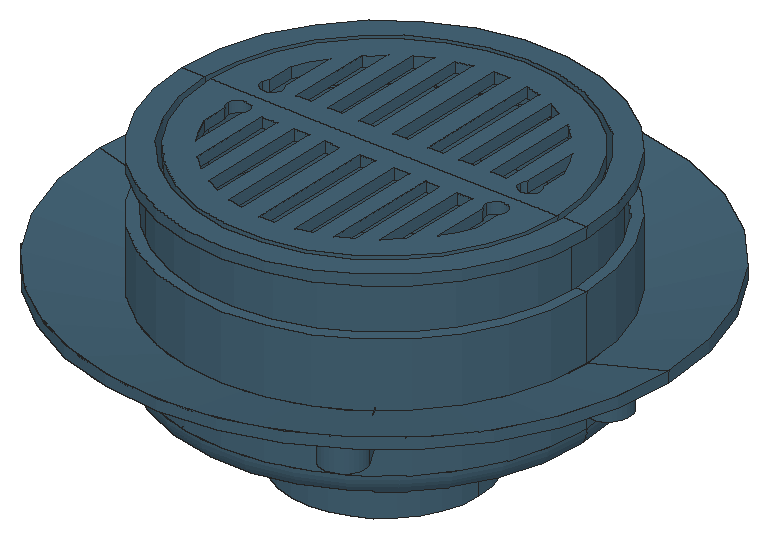
Revit family "Cleanout_Floor_Adjustable-Zurn-Z1454-Flashing-flange", category Plumbing Fixtures, Revit 2022
Family settings
  Round Connector Dimension = Use Radius
  Part Type = Normal
  OmniClass Number = 23.70.50.21.24.14
  OmniClass Title = Deck Waste Water Drains
  Work Plane-Based = No
  Always vertical = Yes
  Cut with Voids When Loaded = No
  Maintain Annotation Orientation = No
  Shared = No
  Room Calculation Point = No
Parameters (values of type "Load Family Type Catalogue")
  ZN-Top = no
  ZN-Top value = 0.000"
  Waste Connection = 1 = 1  # yes
  WFU = 1  # constant formula
  Vent Connection = 1 = 0  # no
  URL = "www.zurn.com"
  Type Comments = "Z1454-4 Inch Inside Caulk Outlet"
  Product data url = "https://www.bimobject.com/en-in/zurnindustries/product/zurn-z1454"
  Product Page URL = "https://www.zurn.com/products/drainage-interceptors/cleanouts/cleanouts/z1454"
  Product Documentation Link = "https://files.zurn.com/spec-sheets/z1454.pdf"
  Pipe Size-A (Outer dia) = 4.500"
  Pipe Size A = 4.000"
  Pipe Size-A (Inner dia) = 4.026"
  Modified Date = "12/30/25"  # constant formula
  Model = "Z1454"
  Manufacurer Brand = "Zurn"  # constant formula
  Manufacturer = "Zurn Water, LLC"  # constant formula
  Main Material = Iron - Zurn - Cast - Painted - Blue
  HWFU = 0  # constant formula
  HW Connection = 1 = 0  # no
  Grate Material = Iron - Zurn - Cast - Painted - Blue
  Enter_Adjustable Height [instance] = 1.000"
  Description = "ADJUSTABLE FLOOR CLEANOUT W/ FLASHING FLANGE"  # constant formula
  Default Elevation = 2.000"  # constant formula
  Date Created = "02/14/18"  # constant formula
  Connector Radius = Pipe Size A / 2  # 2.000"
  CWFU = 0  # constant formula
  CW Connection = 1 = 0  # no
  Body Height E = 5.250"
  Body Diameter = 13.500"
  Assembly Code = "D2030300"
  Approx. Weight (Lbs) = 34.000"
  Adjustable Height [instance] = if(Enter_Adjustable Height > 3.625", 3.625", if(Enter_Adjustable Height < 1.375", 1.375", Enter_Adjustable Height))  # 1.375"
Reference planes (in)
  plane 1 "Center (Front/Back)": y = 0
  plane 2: z = 0
  plane 3 "Center (Left/Right)": x = 0
  plane 4: y = 2.96875
  plane 5: y = -2.96875
  plane 6: y = 2
  plane 7: y = -2
  plane 8: y = -1.08858
  plane 9: y = 0
  plane 10: y = 1.08858
  plane 11: z = -1.375
  plane 12: x = -2.013
  plane 13: x = 2.013
  plane 14: x = 2.25
  plane 15: x = -2.25
  plane 16: x = -4.8125
  plane 17: x = 4.8125
  plane 18: x = -6.75
  plane 19: x = 6.75
  plane 20: x = 6.5625
  plane 21: x = -6.5625
  plane 22: x = -5.5625
  plane 23: x = 5.5625
  plane 24: z = -2.375
  plane 25: z = -2.625
  plane 26: z = -3.69199
  plane 27: z = -6.625
  plane 28: x = 4.5625
  plane 29: x = -4.5625
  plane 30: z = -4
  plane 31: z = -4.61474
  plane 32: z = -5.13168
  plane 33: z = -4.36412
  plane 34: z = 0
  plane 35: y = 0.5
  plane 36: y = -0.5
  plane 37: x = -1
  plane 38: x = 1
  plane 39: x = 1.75
  plane 40: x = -1.75
  plane 41: x = -2.5
  plane 42: x = 2.5
  plane 43: x = 3.25
  plane 44: x = -3.25
  plane 45: x = 4
  plane 46: z = -2.89199
  plane 47: y = -2.25
  plane 48: y = 2.25
  plane 49: y = -4.8125
  plane 50: y = 4.8125
  plane 51: z = 0.1875
  plane 52: z = -1
  plane 53: y = 4.125
  plane 54: y = -4.125
  plane 55: x = -4.125
  plane 56: x = 4.125
Forms (in)
  Revolve 1, solid, material "Iron - Zurn - Cast - Painted - Blue" <- "Main Material", detail levels fine
    sketch origin (0, 0, 1.625) x (1, 0, 0) y (0, 0, 1)
      loop
        line (4.5625, -3) -> (4.5625, -5.98912)
        arc (4.5625, -5.98912) -> (4.49956, -6.14706) -> (4.34524, -6.21841) r 0.22962
        line (4.34524, -6.21841) -> (2.50537, -6.31758)
        arc (2.50537, -6.31758) -> (2.15564, -6.47928) -> (2.013, -6.83721) r 0.52038
        line (2.013, -6.83721) -> (2.013, -8.25) -> (2.25, -8.25) -> (2.25, -6.75668)
        arc (2.25, -6.75668) -> (2.30061, -6.62967) -> (2.42471, -6.57229) r 0.18465
        line (2.42471, -6.57229) -> (4.27758, -6.47242)
        arc (4.27758, -6.47242) -> (4.65753, -6.29674) -> (4.8125, -5.90789) r 0.56535
        line (4.8125, -5.90789) -> (4.8125, -4.77797) -> (6.75, -4.25882) -> (6.75, -4) -> (4.8125, -4.51915) -> (4.8125, -3) -> (4.5625, -3)
      axis (0, -3) -> (0, -8.25)
    angle from 0 to 360
  Revolve 2, solid, material "Iron - Zurn - Cast - Painted - Blue" <- "Main Material", detail levels fine
    sketch origin (0, 0, 0) x (1, 0, 0) y (0, 0, 1)
      loop
        line (0, 0) -> (0, -0.25) -> (4.1875, -0.25) -> (4.1875, -2.375) -> (4.4375, -2.375) -> (4.4375, -0.25) -> (4.8125, -0.25) -> (4.8125, 0) -> (0, 0)
      axis (0, 0) -> (0, -2.375)
    angle from 0 to 360
  Extrusion 3, void
    sketch origin (0, 0, 0) x (1, 0, 0) y (0, 1, 0)
      loop
        circle (-3.0625, 0.5) r 0.25
      loop
        circle (-3.0625, -0.5) r 0.25
      loop
        circle (3.0625, 0.5) r 0.25
      loop
        circle (3.0625, -0.5) r 0.25
    from -0.25 to 0
  Extrusion 4, void
    sketch origin (0, 0, 0) x (1, 0, 0) y (0, 1, 0)
      loop
        arc (1, 3.3541) -> (0.81374, 3.40409) -> (0.625, 3.44374) r 3.5
        line (0.625, 3.44374) -> (0.625, 0.5) -> (1, 0.5) -> (1, 3.3541)
      loop
        line (1.375, 0.5) -> (1.75, 0.5) -> (1.75, 3.03109)
        arc (1.75, 3.03109) -> (1.56531, 3.13046) -> (1.375, 3.2186) r 3.5
        line (1.375, 3.2186) -> (1.375, 0.5)
      loop
        arc (2.5, 2.44949) -> (2.31844, 2.62199) -> (2.125, 2.78107) r 3.5
        line (2.125, 2.78107) -> (2.125, 0.5) -> (2.5, 0.5) -> (2.5, 2.44949)
      loop
        arc (3.25, 1.29904) -> (3.08227, 1.6582) -> (2.875, 1.99609) r 3.5
        line (2.875, 1.99609) -> (2.875, 0.5) -> (3.25, 0.5) -> (3.25, 1.29904)
      loop
        arc (-0.625, 3.44374) -> (-0.81374, 3.40409) -> (-1, 3.3541) r 3.5
        line (-1, 3.3541) -> (-1, 0.5) -> (-0.625, 0.5) -> (-0.625, 3.44374)
      loop
        line (-1.75, 3.03109) -> (-1.75, 0.5) -> (-1.375, 0.5) -> (-1.375, 3.2186)
        arc (-1.375, 3.2186) -> (-1.56531, 3.13046) -> (-1.75, 3.03109) r 3.5
      loop
        line (-2.5, 2.44949) -> (-2.5, 0.5) -> (-2.125, 0.5) -> (-2.125, 2.78107)
        arc (-2.125, 2.78107) -> (-2.31844, 2.62199) -> (-2.5, 2.44949) r 3.5
      loop
        line (-3.25, 1.29904) -> (-3.25, 0.5) -> (-2.875, 0.5) -> (-2.875, 1.99609)
        arc (-2.875, 1.99609) -> (-3.08227, 1.6582) -> (-3.25, 1.29904) r 3.5
      loop
        line (-0.1875, 3.49497) -> (-0.1875, 0.5) -> (0.1875, 0.5) -> (0.1875, 3.49497)
        arc (0.1875, 3.49497) -> (0, 3.5) -> (-0.1875, 3.49497) r 3.5
      loop
        arc (0.625, -3.44374) -> (0.81374, -3.40409) -> (1, -3.3541) r 3.5
        line (1, -3.3541) -> (1, -0.5) -> (0.625, -0.5) -> (0.625, -3.44374)
      loop
        arc (2.125, -2.78107) -> (2.31844, -2.62199) -> (2.5, -2.44949) r 3.5
        line (2.5, -2.44949) -> (2.5, -0.5) -> (2.125, -0.5) -> (2.125, -2.78107)
      loop
        arc (2.875, -1.99609) -> (3.08227, -1.6582) -> (3.25, -1.29904) r 3.5
        line (3.25, -1.29904) -> (3.25, -0.5) -> (2.875, -0.5) -> (2.875, -1.99609)
      loop
        arc (-3.25, -1.29904) -> (-3.08227, -1.6582) -> (-2.875, -1.99609) r 3.5
        line (-2.875, -1.99609) -> (-2.875, -0.5) -> (-3.25, -0.5) -> (-3.25, -1.29904)
      loop
        arc (-2.5, -2.44949) -> (-2.31844, -2.62199) -> (-2.125, -2.78107) r 3.5
        line (-2.125, -2.78107) -> (-2.125, -0.5) -> (-2.5, -0.5) -> (-2.5, -2.44949)
      loop
        arc (-1, -3.3541) -> (-0.81374, -3.40409) -> (-0.625, -3.44374) r 3.5
        line (-0.625, -3.44374) -> (-0.625, -0.5) -> (-1, -0.5) -> (-1, -3.3541)
      loop
        arc (-0.1875, -3.49497) -> (-0.00021, -3.5) -> (0.18709, -3.495) r 3.5
        line (0.18709, -3.495) -> (0.18709, -0.5) -> (-0.1875, -0.5) -> (-0.1875, -3.49497)
      loop
        arc (-1.75, -3.03109) -> (-1.56531, -3.13046) -> (-1.375, -3.2186) r 3.5
        line (-1.375, -3.2186) -> (-1.375, -0.5) -> (-1.75, -0.5) -> (-1.75, -3.03109)
      loop
        arc (1.375, -3.2186) -> (1.56531, -3.13046) -> (1.75, -3.03109) r 3.5
        line (1.75, -3.03109) -> (1.75, -0.5) -> (1.375, -0.5) -> (1.375, -3.2186)
    from -1.375 to 0.1875
  Extrusion 5, solid, material "Iron - Zurn - Cast - Painted - Blue" <- "Main Material", detail levels fine
    sketch origin (0, 0, -26.44199) x (1, 0, 0) y (0, 1, 0)
      loop
        line (4.5625, 0.5) -> (4.5625, -0.5) -> (5.3125, -0.5)
        arc (5.3125, -0.5) -> (5.8125, 0) -> (5.3125, 0.5) r 0.5
        line (5.3125, 0.5) -> (4.5625, 0.5)
    from 22.75 to 23.54784
  Extrusion 6, solid, material "Iron - Zurn - Cast - Painted - Blue" <- "Main Material", detail levels fine
    sketch origin (0.05584, 0.00073, -26.43982) x (0.5, -0.866025, 0) y (0.866025, 0.5, 0)
      loop
        line (4.5625, 0.5) -> (4.5625, -0.5) -> (5.3125, -0.5)
        arc (5.3125, -0.5) -> (5.8125, 0) -> (5.3125, 0.5) r 0.5
        line (5.3125, 0.5) -> (4.5625, 0.5)
    from 22.75 to 23.54784
  Extrusion 7, solid, material "Iron - Zurn - Cast - Painted - Blue" <- "Main Material", detail levels fine
    sketch origin (0.00127, 0.00073, -26.43982) x (0.5, 0.866025, 0) y (-0.866025, 0.5, 0)
      loop
        line (4.5625, 0.5) -> (4.5625, -0.5) -> (5.3125, -0.5)
        arc (5.3125, -0.5) -> (5.8125, 0) -> (5.3125, 0.5) r 0.5
        line (5.3125, 0.5) -> (4.5625, 0.5)
    from 22.75 to 23.54784
  Extrusion 8, solid, material "Iron - Zurn - Cast - Painted - Blue" <- "Main Material", detail levels fine
    sketch origin (0.00127, 0.0022, -26.43982) x (-0.5, 0.866025, 0) y (-0.866025, -0.5, 0)
      loop
        line (4.5625, 0.5) -> (4.5625, -0.5) -> (5.3125, -0.5)
        arc (5.3125, -0.5) -> (5.8125, 0) -> (5.3125, 0.5) r 0.5
        line (5.3125, 0.5) -> (4.5625, 0.5)
    from 22.75 to 23.54784
  Extrusion 9, solid, material "Iron - Zurn - Cast - Painted - Blue" <- "Main Material", detail levels fine
    sketch origin (0, 0.00293, -26.43982) x (-1, 0, 0) y (0, -1, 0)
      loop
        line (4.5625, 0.5) -> (4.5625, -0.5) -> (5.3125, -0.5)
        arc (5.3125, -0.5) -> (5.8125, 0) -> (5.3125, 0.5) r 0.5
        line (5.3125, 0.5) -> (4.5625, 0.5)
    from 22.75 to 23.54784
  Extrusion 10, solid, material "Iron - Zurn - Cast - Painted - Blue" <- "Main Material", detail levels fine
    sketch origin (-0.00127, 0.0022, -26.43982) x (-0.5, -0.866025, 0) y (0.866025, -0.5, 0)
      loop
        line (4.5625, 0.5) -> (4.5625, -0.5) -> (5.3125, -0.5)
        arc (5.3125, -0.5) -> (5.8125, 0) -> (5.3125, 0.5) r 0.5
        line (5.3125, 0.5) -> (4.5625, 0.5)
    from 22.75 to 23.54784
  Extrusion 11, void
    sketch origin (0, 0, 0) x (1, 0, 0) y (0, 1, 0)
      loop
        circle (0, 0) r 4.25
      loop
        circle (0, 0) r 4.125
    from -1 to 0.1875
  Extrusion 12, solid, material "Iron - Zurn - Cast - Painted - Blue" <- "Grate Material", visible <- "ZN-Top", detail levels fine
    sketch origin (0, 0, 0) x (1, 0, 0) y (0, 1, 0)
      loop
        circle (0, 0) r 4.8125
    from 0 to 0.1875
Cuts and joins
  Extrusion 3, Extrusion 4, Extrusion 11 cuts Revolve 2
  Extrusion 4, Extrusion 11 cuts Extrusion 12
Lines and regions (in)
  Masking region 1, detail levels fine
    outline origin (0, 0, 0) x (1, 0, 0) y (0, 1, 0)
      loop
        circle (0, 0) r 6.75
  model lines, detail levels coarse+medium
    curve 1: line (0, 0, 0) -> (0, 0, -6.625)
    curve 2: line (-2.25, 0, -6.625) -> (2.25, 0, -6.625)
    curve 3: circle (0, -0.00297, 0) r 4.125 normal (0, 0, 1)
    curve 4: line (-4.125, 0, 0) -> (4.125, 0, 0)
    curve 5: line (0, 4.12203, 0) -> (0, -4.12797, 0)
    curve 6: circle (0, 0, 0) r 4.8125 normal (0, 0, 1)
    curve 7: circle (0, 0, 0) r 4.25 normal (0, 0, 1)
    curve 8: line (0, 2.25, -6.625) -> (0, -2.25, -6.625)
    curve 9: line (-2.47104, 3.3, 0) -> (2.47104, 3.3, 0)
    curve 10: line (-3.29777, 2.475, 0) -> (3.29777, 2.475, 0)
    curve 11: line (3.77933, 1.65, 0) -> (-3.77933, 1.65, 0)
    curve 12: line (-4.04105, 0.825, 0) -> (4.04105, 0.825, 0)
    curve 13: line (-4.125, 0, 0) -> (4.125, 0, 0)
    curve 14: line (-4.04226, -0.825, 0) -> (4.04226, -0.825, 0)
    curve 15: line (-3.78192, -1.65, 0) -> (3.78192, -1.65, 0)
    curve 16: line (-3.30222, -2.475, 0) -> (3.30222, -2.475, 0)
    curve 17: line (-2.47895, -3.3, 0) -> (2.47895, -3.3, 0)
    curve 18: line (-3.3125, 2.45528, 0) -> (-3.3125, -2.46121, 0)
    curve 19: line (-2.5, -3.28407, 0) -> (-2.5, 3.27813, 0)
    curve 20: line (-1.6875, 3.76107, 0) -> (-1.6875, -3.767, 0)
    curve 21: line (-0.875, 4.02816, 0) -> (-0.875, -4.0341, 0)
    curve 22: line (0.75, 4.05328, 0) -> (0.75, -4.05921, 0)
    curve 23: line (1.5625, -3.82059, 0) -> (1.5625, 3.81465, 0)
    curve 24: line (2.375, 3.36972, 0) -> (2.375, -3.37565, 0)
    curve 25: line (3.1875, -2.62126, 0) -> (3.1875, 2.61533, 0)
Dimensions and locks (in)
  equal spacing: plane 4, plane 1 "Center (Front/Back)", plane 5, locked at 2.96875 each
  locked: plane 4 to plane 5 at 5.9375
  equal spacing: plane 6, plane 1 "Center (Front/Back)", plane 7, locked at 2 each
  locked: plane 6 to plane 7 at 4
  equal spacing: plane 8, plane 9, plane 10
  plane 8 to plane 10 = 2.17716"
  equal spacing: plane 13, plane 3 "Center (Left/Right)", plane 12
  "Pipe Size-A (Inner dia)": plane 13 to plane 12
  equal spacing: plane 14, plane 3 "Center (Left/Right)", plane 15
  "Pipe Size-A (Outer dia)": plane 14 to plane 15
  equal spacing: plane 17, plane 3 "Center (Left/Right)", plane 16
  locked: plane 17 to plane 16 at 9.625
  locked: plane 19 to plane 18 at 13.5
  equal spacing: plane 19, plane 3 "Center (Left/Right)", plane 18, locked at 6.75 each
  locked: plane 19 to plane 20 at 0.1875
  locked: plane 21 to plane 18 at 0.1875
  locked: plane 22 to plane 21 at 1
  locked: plane 20 to plane 23 at 1
  locked: plane 11 to plane 24 at 1
  locked: plane 11 to plane 26 at 2.31699
  locked: plane 24 to plane 25 at 0.25
  "Body Height E": plane 11 to plane 27
  locked: plane 28 to plane 17 at 0.25
  locked: plane 29 to plane 16 at 0.25
  locked: plane 30 to plane 31 at 0.61474
  locked: plane 31 to plane 32 at 0.51693
  locked: plane 30 to plane 33 at 0.36412
  "Adjustable Height": plane 34 to plane 11
  locked: plane 34 to Revolve 2 sketch curve at 0.25
  locked: Revolve 2 sketch curve to plane 28 at 0.125
  locked: Revolve 1 sketch curve to Revolve 1 sketch curve at 0.25
  locked: Revolve 2 sketch curve to Revolve 2 sketch curve at 0.25
  plane 35 to plane 9 to plane 36 = 0.500" locked, 0.500" locked
  locked: plane 37 to plane 3 "Center (Left/Right)" at 1
  locked: plane 3 "Center (Left/Right)" to plane 38 at 1
  locked: plane 38 to plane 39 at 0.75
  locked: plane 41 to plane 40 at 0.75
  locked: plane 39 to plane 42 at 0.75
  locked: plane 42 to plane 43 at 0.75
  locked: plane 44 to plane 41 at 0.75
  locked: plane 40 to plane 37 at 0.75
  locked: Extrusion 4 sketch curve to plane 38 at 0.375
  locked: Extrusion 4 sketch curve to plane 39 at 0.375
  locked: Extrusion 4 sketch curve to plane 42 at 0.375
  locked: Extrusion 4 sketch curve to plane 43 at 0.375
  locked: plane 43 to plane 45 at 0.75
  locked: plane 37 to Extrusion 4 sketch curve at 0.375  (x2)
  locked: plane 40 to Extrusion 4 sketch curve at 0.375
  locked: plane 41 to Extrusion 4 sketch curve at 0.375  (x2)
  locked: plane 44 to Extrusion 4 sketch curve at 0.375  (x2)
  Extrusion 4 sketch curve to plane 3 "Center (Left/Right)" to Extrusion 4 sketch curve = 0.1875" locked, 0.1875" locked
  Extrusion 4 sketch curve to plane 43 = 0.375"
  Extrusion 4 sketch curve to plane 42 = 0.375"
  Extrusion 4 sketch curve to plane 38 = 0.375"
  locked: Extrusion 4 sketch curve to plane 3 "Center (Left/Right)" at 0.1875
  locked: Extrusion 4 sketch curve to Extrusion 4 sketch curve at 0.37459
  locked: cut or joined group of Revolve 2, Extrusion 3, Extrusion 4, Extrusion 11 to cut or joined group of Revolve 2, Extrusion 3, Extrusion 4, Extrusion 11 at 0.75
  locked: cut or joined group of Revolve 2, Extrusion 3, Extrusion 4, Extrusion 11 to cut or joined group of Revolve 2, Extrusion 3, Extrusion 4, Extrusion 11 at 0.375  (x3)
  locked: plane 46 to plane 26 at 0.8
  "ZN-Top value": level to plane 34
  equal spacing: plane 47, plane 1 "Center (Front/Back)", plane 48
  "Pipe Size-A (Outer dia)": plane 47 to plane 48
  equal spacing: plane 49, plane 9, plane 50
  locked: plane 49 to plane 50 at 9.625
  Extrusion 4 to curve 1 = 1.000"
  locked: plane 51 to plane 34 at 0.1875
  locked: plane 34 to plane 52 at 1
  locked: plane 26 to plane 30 at 0.30801
  equal spacing: plane 44, curve 5, plane 43
  plane 53 to plane 9 to plane 54 = 4.125" locked, 4.125" locked
  equal spacing: plane 53, curve 9, curve 10, curve 11, curve 12, curve 13, curve 14, curve 15, curve 16, curve 17, plane 54, locked at 0.825 each
  plane 55 to plane 3 "Center (Left/Right)" to plane 56 = 4.125" locked, 4.125" locked
  equal spacing: plane 55, curve 18, curve 19, curve 20, curve 21, curve 22, curve 23, curve 24, curve 25, plane 45
  curve 3 to plane 3 "Center (Left/Right)" to curve 3 = 4.125" locked, 4.125" locked
  curve 7 to plane 3 "Center (Left/Right)" to curve 7 = 4.250" locked, 4.250" locked
  locked: curve 6 to plane 3 "Center (Left/Right)" at 4.8125
  radius of Revolve 1 sketch curve = 0.18465"
  radius of Revolve 1 sketch curve = 0.52038"
  radius of Revolve 1 sketch curve = 0.22962"
  radius of Revolve 1 sketch curve = 0.56535"
  diameter of Extrusion 3 sketch curve = 0.500"  (x4)
  radius of Extrusion 4 sketch curve = 3.500"  (x9)
  radius of cut or joined group of Revolve 2, Extrusion 3, Extrusion 4, Extrusion 11 = 3.500"  (x7)
  radius of Extrusion 5 sketch curve = 0.500"
  diameter of curve 3 = 8.250"
  diameter of curve 6 = 9.625"
  radius of Extrusion 6 sketch curve = 0.500"
  radius of Extrusion 7 sketch curve = 0.500"
  radius of Extrusion 8 sketch curve = 0.500"
  radius of Extrusion 9 sketch curve = 0.500"
  radius of Extrusion 10 sketch curve = 0.500"
  "Body Diameter": diameter of Masking region 1 sketch curve
  diameter of Extrusion 11 sketch curve = 8.250"
  diameter of Extrusion 11 sketch curve = 8.500"
  radius of curve 7 = 4.250"
  diameter of curve 7 = 8.500"
  radius of curve 3 = 4.125"
  "Body Diameter": diameter of Revolve 1
  locked: plane 24 to Revolve 1 sketch curve (angle 15.00°)
  aligned and locked: plane 2 to level
  aligned and locked: plane 9 to plane 1 "Center (Front/Back)"
  aligned and locked: Revolve 1 sketch curve to plane 19
  aligned and locked: Revolve 1 sketch curve to plane 17  (x2)
  aligned and locked: plane 24 to Revolve 1 sketch curve
  aligned and locked: plane 27 to Revolve 1 sketch curve
  aligned and locked: Revolve 1 sketch curve to plane 28
  aligned and locked: Revolve 1 sketch curve to plane 11
  aligned and locked: Revolve 2 sketch curve to plane 3 "Center (Left/Right)"
  aligned and locked: plane 3 "Center (Left/Right)" to Revolve 2 sketch curve
  aligned and locked: plane 34 to Revolve 2 sketch curve
  aligned and locked: Revolve 2 sketch curve to plane 17
  aligned and locked: plane 24 to Revolve 2 sketch curve
  aligned and locked: plane 32 to Revolve 1 sketch curve
  aligned and locked: plane 33 to Revolve 1 sketch curve
  aligned and locked: plane 14 to Revolve 1 sketch curve
  aligned and locked: plane 13 to Revolve 1 sketch curve
  aligned and locked: Extrusion 3 to plane 34
  aligned and locked: Extrusion 3 to cut or joined group of Revolve 2, Extrusion 3, Extrusion 4, Extrusion 11
  aligned and locked: plane 35 to Extrusion 4 sketch curve  (x4)
  aligned and locked: Extrusion 4 sketch curve to plane 38  (x2)
  aligned and locked: Extrusion 4 to plane 11
  aligned and locked: plane 39 to Extrusion 4 sketch curve
  aligned and locked: Extrusion 4 sketch curve to plane 35  (x5)
  aligned and locked: plane 9 to Extrusion 4 sketch curve  (x18)
  aligned and locked: plane 3 "Center (Left/Right)" to Extrusion 4 sketch curve  (x18)
  aligned and locked: Extrusion 4 sketch curve to plane 42  (x2)
  aligned and locked: plane 43 to Extrusion 4 sketch curve  (x2)
  aligned and locked: plane 36 to Extrusion 3 sketch curve  (x2)
  aligned and locked: plane 35 to Extrusion 3 sketch curve  (x2)
  aligned and locked: plane 37 to Extrusion 4 sketch curve  (x2)
  aligned and locked: Extrusion 4 sketch curve to plane 40
  aligned and locked: Extrusion 4 sketch curve to plane 41
  aligned and locked: Extrusion 4 sketch curve to plane 44
  aligned and locked: Extrusion 4 sketch curve to plane 36  (x9)
  aligned and locked: plane 44 to Extrusion 4 sketch curve
  aligned and locked: plane 41 to Extrusion 4 sketch curve
  aligned and locked: Extrusion 5 to Revolve 1
  aligned and locked: Extrusion 5 to plane 26
  aligned and locked: plane 27 to curve 1
  aligned and locked: plane 15 to curve 2
  aligned and locked: plane 14 to curve 2
  aligned and locked: curve 2 to plane 27
  aligned and locked: plane 9 to curve 6
  aligned and locked: plane 46 to Extrusion 6
  aligned and locked: plane 46 to Extrusion 10
  aligned and locked: plane 46 to Extrusion 9
  aligned and locked: plane 46 to Extrusion 7
  aligned and locked: plane 46 to Extrusion 8
  aligned and locked: plane 3 "Center (Left/Right)" to Masking region 1 sketch curve
  aligned and locked: plane 9 to Masking region 1 sketch curve
  aligned and locked: curve 4 to plane 9
  aligned and locked: plane 9 to Extrusion 11 sketch curve  (x2)
  aligned and locked: plane 3 "Center (Left/Right)" to Extrusion 11 sketch curve  (x2)
  aligned and locked: Extrusion 11 to plane 52
  aligned and locked: plane 51 to Extrusion 11
  aligned and locked: Extrusion 11 to Extrusion 4
  aligned and locked: plane 9 to curve 7
  aligned and locked: curve 8 to plane 48
  aligned and locked: curve 8 to plane 47
  aligned and locked: curve 8 to plane 27
  aligned and locked: curve 5 to curve 3
  aligned and locked: plane 9 to Extrusion 12 sketch curve
  aligned and locked: plane 3 "Center (Left/Right)" to Extrusion 12 sketch curve
  aligned and locked: plane 34 to Extrusion 12
  aligned and locked: plane 51 to Extrusion 12
  aligned and locked: Revolve 2 sketch curve to Revolve 2 sketch curve
Automatic sketch dimensions
  plane 3 "Center (Left/Right)" to Revolve 1 sketch curve = 0.000"
  Revolve 1 sketch curve to plane 11 = 0.000"
  Revolve 1 sketch curve to Revolve 1 sketch curve = 0.25882"
  Revolve 1 sketch curve to plane 25 = 0.00882"
  Revolve 1 sketch curve to level = 24.71134"
  plane 15 to Extrusion 4 sketch curve = 0.500"
  plane 12 to Extrusion 4 sketch curve = 0.638"
  Extrusion 4 sketch curve to Extrusion 4 sketch curve = 0.375"
  Extrusion 4 sketch curve to Extrusion 4 sketch curve = 0.05125"
  Extrusion 4 sketch curve to Extrusion 4 sketch curve = 0.05123"  (x2)
  plane 5 to Extrusion 4 sketch curve = 0.24985"  (x2)
  Extrusion 4 sketch curve to plane 5 = 0.18768"  (x2)
  plane 7 to Extrusion 4 sketch curve = 0.00391"  (x2)
  plane 38 to Extrusion 4 sketch curve = 0.375"
  plane 44 to Extrusion 3 sketch curve = 0.1875"  (x2)
  plane 43 to Extrusion 3 sketch curve = 0.1875"  (x2)
  Extrusion 5 sketch curve to Extrusion 5 sketch curve = 0.750"
  Extrusion 6 sketch curve to Extrusion 6 sketch curve = 0.750"
  Extrusion 7 sketch curve to Extrusion 7 sketch curve = 0.750"
  Extrusion 8 sketch curve to Extrusion 8 sketch curve = 0.750"
  Extrusion 9 sketch curve to Extrusion 9 sketch curve = 0.750"
  Extrusion 10 sketch curve to Extrusion 10 sketch curve = 0.750"
  curve 1 to level = 0.000"
  curve 22 to plane 53 = 0.07172"
  curve 19 to plane 41 = 0.000"
  plane 1 "Center (Front/Back)" to curve 3 = 0.00297"
  curve 18 to curve 16 = 0.01028"
  plane 40 to curve 20 = 0.0625"
  curve 21 to plane 53 = 0.09684"
  curve 23 to plane 39 = 0.1875"
  plane 14 to curve 24 = 0.125"
  plane 43 to curve 25 = 0.0625"
  Revolve 2 sketch curve to level = 0.000"
  Revolve 2 sketch curve to level = 0.250"
  radius of Extrusion 12 sketch curve = 4.8125"
Connectors (in)
  piping at (0, 0, -6.625), diameter 4, driven by "Connector Radius", driven by "Waste Connection", driven by "Waste Connection"
    settings: on Revolve 1, index 1, connector inside diameter 24", connector length 0.000", flow factor 0, pipe flow 0 GPM, pressure drop 0.00 psi, fitting loss kfactor 0, connector angle 0.00°, fixture units 0, engagement length 0.000", angle of deflection 0.00°, flow configuration 0, flow direction 2, fitting loss method 0, system type 16, joint type 0, gender type 0, connector reference index -1, connector utility 1, adjustable connector yes, is connector primary yes, connector description "Sanitary Outlet"
Types in the file's own list only (12): name | ZN-Top | ZN-Top value | Type Comments | Pipe Size-A (Outer dia) | Pipe Size A | Pipe Size-A (Inner dia) | Model | Grate Material | Default Elevation | Connector Radius | Body Height E | Body Diameter | Approx. Weight (Lbs)
  Z1454-2IC | No | 0.000 " | "Z1454-2 Inch Inside Caulk Outlet" | 2.375 " | 2.000 " | 2.067 " | "Z1454" | Iron - Zurn - Cast - Painted - Blue | 2.000 " | 1.000 " | 5.250 " | 13.500 " | 33.000 "
  Z1454-3IC | No | 0.000 " | "Z1454-3 Inch Inside Caulk Outlet" | 3.500 " | 3.000 " | 3.068 " | "Z1454" | Iron - Zurn - Cast - Painted - Blue | 2.000 " | 1.500 " | 5.250 " | 13.500 " | 33.000 "
  Z1454-4IC | No | 0.000 " | "Z1454-4 Inch Inside Caulk Outlet" | 4.500 " | 4.000 " | 4.026 " | "Z1454" | Iron - Zurn - Cast - Painted - Blue | 2.000 " | 2.000 " | 5.250 " | 13.500 " | 34.000 "
  Z1454-2IP | No | 0.000 " | "Z1454-2 Inch Threaded Outlet" | 2.375 " | 2.000 " | 2.067 " | "Z1454" | Iron - Zurn - Cast - Painted - Blue | 2.000 " | 1.000 " | 4.250 " | 13.500 " | 33.000 "
  Z1454-3IP | No | 0.000 " | "Z1454-3 Inch Threaded Outlet" | 3.500 " | 3.000 " | 3.068 " | "Z1454" | Iron - Zurn - Cast - Painted - Blue | 2.000 " | 1.500 " | 4.250 " | 13.500 " | 33.000 "
  Z1454-4IP | No | 0.000 " | "Z1454-4 Inch Threaded Outlet" | 4.500 " | 4.000 " | 4.026 " | "Z1454" | Iron - Zurn - Cast - Painted - Blue | 2.000 " | 2.000 " | 4.250 " | 13.500 " | 34.000 "
  ZN1454-2IC | Yes | 0.188 " | "ZN1454-2 Inch Inside Caulk Outlet" | 2.375 " | 2.000 " | 2.067 " | "ZN1454" | Bronze - Zurn - Polished Nickel | 2.000 " | 1.000 " | 5.250 " | 13.500 " | 33.000 "
  ZN1454-3IC | Yes | 0.188 " | "ZN1454-3 Inch Inside Caulk Outlet" | 3.500 " | 3.000 " | 3.068 " | "ZN1454" | Bronze - Zurn - Polished Nickel | 2.000 " | 1.500 " | 5.250 " | 13.500 " | 33.000 "
  ZN1454-4IC | Yes | 0.188 " | "ZN1454-4 Inch Inside Caulk Outlet" | 4.500 " | 4.000 " | 4.026 " | "ZN1454" | Bronze - Zurn - Polished Nickel | 2.000 " | 2.000 " | 5.250 " | 13.500 " | 34.000 "
  ZN1454-2IP | Yes | 0.188 " | "ZN1454-2 Inch Threaded Outlet" | 2.375 " | 2.000 " | 2.067 " | "ZN1454" | Bronze - Zurn - Polished Nickel | 2.000 " | 1.000 " | 4.250 " | 13.500 " | 33.000 "
  ZN1454-3IP | Yes | 0.188 " | "ZN1454-3 Inch Threaded Outlet" | 3.500 " | 3.000 " | 3.068 " | "ZN1454" | Bronze - Zurn - Polished Nickel | 2.000 " | 1.500 " | 4.250 " | 13.500 " | 33.000 "
  ZN1454-4IP | Yes | 0.188 " | "ZN1454-4 Inch Threaded Outlet" | 4.500 " | 4.000 " | 4.026 " | "ZN1454" | Bronze - Zurn - Polished Nickel | 2.000 " | 2.000 " | 4.250 " | 13.500 " | 34.000 "
